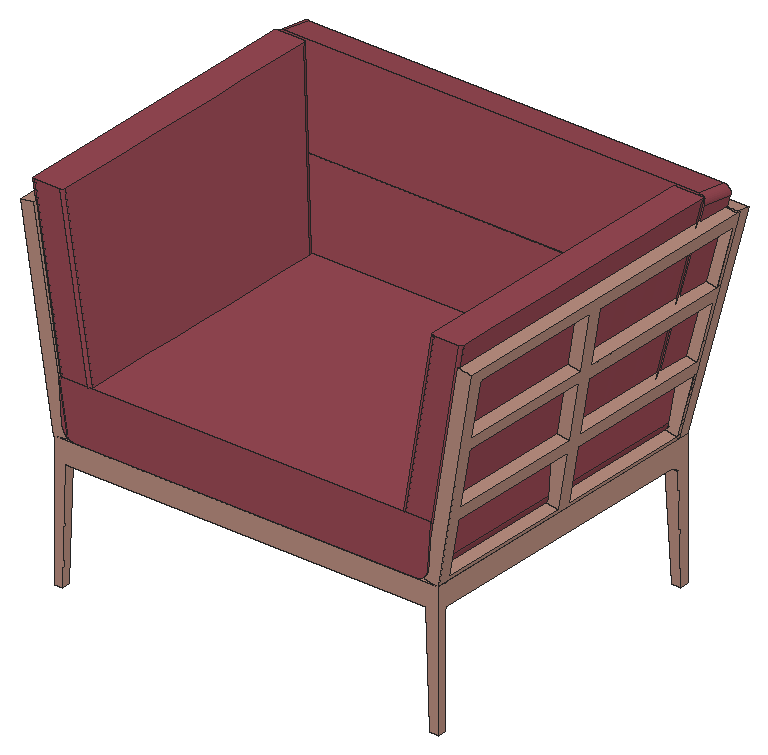
Revit family "Haworth_Janus_Slant_ClubChair", category Furniture, Revit 2018
Family settings
  OmniClass Number = 23.40.20.00
  OmniClass Title = General Furniture and Specialties
  Work Plane-Based = No
  Always vertical = Yes
  Cut with Voids When Loaded = No
  Shared = No
  Room Calculation Point = No
Parameters (values of type "HCJC-SL-L1W")
  With Seat Cushion = yes
  Width = "40.5 in."  # constant formula
  Warranty = "https://www.haworth.com/resources/product-info/warranties"
  URL - Product = "https://www.haworth.com/products/seating/outdoor/slant"
  URL = "http://www.haworth.com/our-brands/haworth-collection"
  Trim Finish [instance] = Haworth _ Paint _ Slant _ Mousse
  Size = "Verify Final Dim. w/ Haworth"  # constant formula
  Seat Bottom Finish [instance] = Haworth _ Fabric _ Tellure _ Tomato 3A-43
  Revision = "2"  # constant formula
  Model = "HCJC-SL-L1W"
  Manufacturer = "Haworth"  # constant formula
  Frame = yes
  Depth = "31 in."  # constant formula
  Height = "30.25 in."  # constant formula
  Description = "Haworth - Janus - Slant - Lounge Chair"
  Cushion = yes
  Back Finish [instance] = Haworth _ Fabric _ Tellure _ Tomato 3A-43
  Author = "Haworth (Abd Rahman)"  # constant formula
  Assembly Code = "E2020200"
Reference planes (in)
  plane 1 "Center Front/Back": y = 0
  plane 2: z = 0
  plane 3 "Center Left/Right": x = 0
Nested families (in)
  nested 1: "Haworth_Janus_Slant_ Seat-Cushion_PART" at (-20.23621, 4.54207, -1.3125), visible <- "With Seat Cushion", Cushion Finish <- "Seat Bottom Finish", type "HCJC-SL-CSSA-S - Cushion"
    with Cushion Finish Haworth _ Fabric _ Tellure _ Tomato 3A-43
  nested 2: "Haworth_Janus_Slant_Cushion_Back_PART" at (-0.04917, -3.14613, -1.85938), Cushion Finish <- "Back Finish", visible <- "Cushion", type "HCJC-SL-CBSA-S - BackSide - Cushion"
    with Cushion Finish Haworth _ Fabric _ Tellure _ Tomato 3A-43
  nested 3: "Haworth_Janus_Slant_ClubChair_Frame_PART" at (-0.34175, 2.06138, 0), Frame Finish <- "Trim Finish", type "HCJC-SL-L1W - FRAME"
    with Frame Finish Haworth _ Paint _ Slant _ Mousse
Definition of nested family "Haworth_Janus_Slant_ Seat-Cushion_PART"
  Parameters (values of type "HCJC-SL-CSL1W-S- Cushion")
    Warranty = "https://www.haworth.com/resources/product-info/warranties"
    URL - Product = "https://www.haworth.com/products/tables/outdoor/slant"
    Model = "HCJC-SL-CSL1W-S"  # constant formula
    Description = "Haworth_Slant_Seat-Seating_Cushion"
    URL = "http://www.haworth.com/our-brands/haworth-collection"
    Size = "Verify Final Dim. w/ Haworth"  # constant formula
    Revision Number = "1"  # constant formula
    Manufacturer = "Haworth"  # constant formula
    Cushion Width = 33 3/8"  # constant formula
    Cushion Finish [instance] = none
    Author = "Haworth (Abd Rahman)"  # constant formula
    Assembly Code = "E2020200"
    Actual Depth = 27 1/2"  # constant formula
  Reference planes (in)
    plane 1 "Center F/B": y = -4.23242
    plane 2: z = 0
    plane 3 "Center L/R": x = 19.75
    plane 4 "Top": z = 27.5
    plane 5 "Seat Top": z = 18.25
    plane 6: x = 3.0625
    plane 7: x = 36.4375
    plane 8: y = 9.51758
    plane 9: y = -17.98242
  Forms (in)
    Extrusion 1, solid, material <- "Cushion Finish"
      sketch origin (30.59561, -13.125, 16.78125) x (0, 0, -1) y (-1, 0, 0)
        loop
          line (-1.45984, 27.53311) -> (-1.45984, -5.8977) -> (2.46057, -5.62356)
          arc (2.46057, -5.62356) -> (3.17241, -5.28403) -> (3.46146, -4.55024) r 1.07594
          line (3.46146, -4.55024) -> (3.46146, 25.96208)
          arc (3.46146, 25.96208) -> (3.1325, 26.80717) -> (2.31878, 27.20746) r 1.25
          line (2.31878, 27.20746) -> (-1.45984, 27.53311)
      from -4.85742 to 22.64258
  Lines and regions (in)
    Masking region 1
      outline origin (0, 0, 0) x (1, 0, 0) y (0, 1, 0)
        loop
          line (3.0625, 9.51758) -> (3.0625, -17.98242) -> (36.4375, -17.98242) -> (36.4375, 9.51758) -> (3.0625, 9.51758)
  Dimensions and locks (in)
    locked: plane 4 "Top" to level at 27.5
    plane 5 "Seat Top" to level = 18 1/4"
    plane 5 "Seat Top" to plane 2 = 18 1/4"
    "Cushion Width": plane 6 to plane 7
    "Actual Depth": plane 8 to plane 9
    equal spacing: plane 6, plane 3 "Center L/R", plane 7
    equal spacing: plane 8, plane 1 "Center F/B", plane 9
    aligned and locked: plane 7 to Masking region 1 sketch curve
    aligned and locked: Masking region 1 sketch curve to plane 8
    aligned and locked: plane 9 to Masking region 1 sketch curve
    aligned and locked: plane 6 to Masking region 1
    aligned and locked: Masking region 1 to plane 7
    aligned and locked: plane 8 to Extrusion 1
    aligned and locked: plane 6 to Extrusion 1
  Automatic sketch dimensions
    Masking region 1 sketch curve to plane 3 "Center L/R" = 16 11/16"
    Extrusion 1 sketch curve to plane 5 "Seat Top" = 0.00891"
    Extrusion 1 sketch curve to plane 5 "Seat Top" = 3.68021"
    Extrusion 1 sketch curve to plane 6 = 0.32565"
    Extrusion 1 sketch curve to Extrusion 1 sketch curve = 0.10733"
    plane 7 to Extrusion 1 sketch curve = 1.29165"
    plane 7 to Extrusion 1 sketch curve = 0.21833"
    Extrusion 1 sketch curve to Extrusion 1 sketch curve = 0.07505"
    Extrusion 1 sketch curve to plane 7 = 0.05581"
    plane 6 to Extrusion 1 sketch curve = 0"
    Extrusion 1 sketch curve to plane 5 "Seat Top" = 3.85426"
Definition of nested family "Haworth_Janus_Slant_Cushion_Back_PART"
  Parameters (values of type "HCJC-SL-CBL1W-S - BackSide - Cushion")
    Warranty = "https://www.haworth.com/resources/product-info/warranties"
    URL - Product = "https://www.haworth.com/products/seating/outdoor/slant"
    URL = "http://www.haworth.com/our-brands/haworth-collection"
    Size = "Verify Final Dim. w/ Haworth"  # constant formula
    Revision = "1"  # constant formula
    Model = "HCJC-SL-CBL1W-S"  # constant formula
    Manufacturer = "Haworth"  # constant formula
    Description = "Haworth_Slant_BackSide_Cushion"
    Cushion Width = 38 9/16"  # constant formula
    Cushion Finish [instance] = none
    Cushion Depth = 30 1/4"  # constant formula
    Author = "Haworth (Abd Rahman)"  # constant formula
    Assembly Code = "E2020200"
  Reference planes (in)
    plane 1 "Center Front/Back": y = 4.83633
    plane 2: z = 0
    plane 3 "Center Left/Right": x = -0.23694
    plane 4 "Cushion Seam Right": y = 16.66406
    plane 5 "Back Cushion 1": through (0, 14.56861, 18.77443) normal (0, 0.9864, -0.1644)
    plane 6 "Back Cushion 2": through (0, 18.50926, 24.62587) normal (0, 0.9864, -0.1644)
    plane 7: z = 33.84437
    plane 8: z = 18.43987
    plane 9: y = -10.28867
    plane 10: y = 19.96133
    plane 11: x = -19.51819
    plane 12: x = 19.04431
  Forms (in)
    Extrusion 1, solid, material <- "Cushion Finish"
      sketch origin (0, 11.07898, -2.16331) x (0, -0.164399, -0.986394) y (-1, 0, 0)
        loop
          line (-36.62851, 18.83388) -> (-36.62851, -18.38452)
          arc (-36.62851, -18.38452) -> (-36.39053, -18.89802) -> (-35.84491, -19.04834) r 0.67297
          line (-35.84491, -19.04834) -> (-21.2946, -16.62329)
          arc (-21.2946, -16.62329) -> (-21.10321, -16.51458) -> (-21.02744, -16.30792) r 0.31972
          line (-21.02744, -16.30792) -> (-21.02744, 16.72126)
          arc (-21.02744, 16.72126) -> (-21.12014, 16.97411) -> (-21.35432, 17.10712) r 0.39119
          line (-21.35432, 17.10712) -> (-35.82072, 19.51819)
          arc (-35.82072, 19.51819) -> (-36.38319, 19.36323) -> (-36.62851, 18.83388) r 0.69375
      from 2.8865 to 0
    Blend 2, solid, material <- "Cushion Finish"
      base sketch origin (4.31474, 0.54875, 0) x (1, 0.000934, 0) y (-0.000934, 1, 0)
        loop
          arc (9.67817, 13.97337) -> (9.50139, 13.90015) -> (9.42817, 13.72337) r 0.25
          line (9.42817, 13.72337) -> (9.42817, -10.60117)
          arc (9.42817, -10.60117) -> (9.50139, -10.77795) -> (9.67817, -10.85117) r 0.25
          line (9.67817, -10.85117) -> (12.00927, -10.85117)
          arc (12.00927, -10.85117) -> (12.18605, -10.77795) -> (12.25927, -10.60117) r 0.25
          line (12.25927, -10.60117) -> (12.25927, 13.72337)
          arc (12.25927, 13.72337) -> (12.18605, 13.90015) -> (12.00927, 13.97337) r 0.25
          line (12.00927, 13.97337) -> (9.67817, 13.97337)
      top sketch origin (4.31474, 0.54875, 0) x (1, 0.000934, 0) y (-0.000934, 1, 0)
        loop
          arc (12.21901, 16.44186) -> (12.04231, 16.36872) -> (11.96901, 16.19209) r 0.25
          line (11.96901, 16.19209) -> (11.94399, -10.60094)
          arc (11.94399, -10.60094) -> (12.01713, -10.77787) -> (12.19399, -10.85117) r 0.25
          line (12.19399, -10.85117) -> (14.46968, -10.85117)
          arc (14.46968, -10.85117) -> (14.64637, -10.77803) -> (14.71968, -10.60141) r 0.25
          line (14.71968, -10.60141) -> (14.74469, 16.19163)
          arc (14.74469, 16.19163) -> (14.67155, 16.36855) -> (14.49469, 16.44186) r 0.25
          line (14.49469, 16.44186) -> (12.21901, 16.44186)
      from 18.78758 to 33.84437
    Sweep 3, void
      path origin (0, 11.1354, -1.82482) x (0, -0.164399, -0.986394) y (-1, 0, 0)
        loop
          line (-27.99974, 18.29251) -> (-27.99974, -17.81862)
      profile origin (-0.23694, 15.73853, 25.79396) x (0, -0.164399, -0.986394) y (0, 0.986394, -0.164399)
        loop
          arc (-0.07611, 2.78205) -> (-0.05703, 2.84623) -> (-0.01191, 2.89571) r 0.14996
          line (-0.01191, 2.89571) -> (-0.14032, 2.89571)
          arc (-0.14032, 2.89571) -> (-0.0952, 2.84623) -> (-0.07611, 2.78205) r 0.14996
    Sweep 4, void
      path origin (0, 11.08796, -1.81073) x (0, -0.164399, -0.986394) y (1, 0, 0)
        loop
          line (-27.99974, -18.39071) -> (-27.99974, 17.87134)
      profile origin (-0.25968, 15.6911, 25.80805) x (0, 0.164399, 0.986394) y (0, -0.986394, 0.164399)
        loop
          arc (0.07611, -0.09686) -> (0.0952, -0.03268) -> (0.14032, 0.0168) r 0.14996
          line (0.14032, 0.0168) -> (0.01191, 0.0168)
          arc (0.01191, 0.0168) -> (0.05703, -0.03268) -> (0.07611, -0.09686) r 0.14996
    Blend 5, solid, material <- "Cushion Finish"
      base sketch origin (-4.78862, 0.54874, 0) x (-1, 0.000934, 0) y (-0.000934, -1, 0)
        loop
          line (9.67817, -13.97337) -> (12.00927, -13.97337)
          arc (12.00927, -13.97337) -> (12.18605, -13.90015) -> (12.25927, -13.72337) r 0.25
          line (12.25927, -13.72337) -> (12.25927, 10.60117)
          arc (12.25927, 10.60117) -> (12.18605, 10.77795) -> (12.00927, 10.85117) r 0.25
          line (12.00927, 10.85117) -> (9.67817, 10.85117)
          arc (9.67817, 10.85117) -> (9.50139, 10.77795) -> (9.42817, 10.60117) r 0.25
          line (9.42817, 10.60117) -> (9.42817, -13.72337)
          arc (9.42817, -13.72337) -> (9.50139, -13.90015) -> (9.67817, -13.97337) r 0.25
      top sketch origin (-4.78862, 0.54874, 0) x (-1, 0.000934, 0) y (-0.000934, -1, 0)
        loop
          line (12.21901, -16.44186) -> (14.49469, -16.44186)
          arc (14.49469, -16.44186) -> (14.67155, -16.36855) -> (14.74469, -16.19163) r 0.25
          line (14.74469, -16.19163) -> (14.71968, 10.60141)
          arc (14.71968, 10.60141) -> (14.64637, 10.77803) -> (14.46968, 10.85117) r 0.25
          line (14.46968, 10.85117) -> (12.19399, 10.85117)
          arc (12.19399, 10.85117) -> (12.01713, 10.77787) -> (11.94399, 10.60094) r 0.25
          line (11.94399, 10.60094) -> (11.96901, -16.19209)
          arc (11.96901, -16.19209) -> (12.04231, -16.36872) -> (12.21901, -16.44186) r 0.25
      from 18.78758 to 33.84437
  Cuts and joins
    Sweep 3, Sweep 4 cuts Extrusion 1
  Lines and regions (in)
    Masking region 1
      outline origin (0, 0, 0) x (1, 0, 0) y (0, 1, 0)
        loop
          line (-19.51819, 19.96133) -> (-19.51819, 16.66406) -> (19.04431, 16.66406) -> (19.04431, 19.96133) -> (-19.51819, 19.96133)
    Masking region 2
      outline origin (0, 0, 0) x (1, 0, 0) y (0, 1, 0)
        loop
          line (-19.01819, -10.28867) -> (-15.89475, -10.28867)
          arc (-15.89475, -10.28867) -> (-15.5412, -10.14223) -> (-15.39475, -9.78867) r 0.5
          line (-15.39475, -9.78867) -> (-15.39475, 14.68465)
          arc (-15.39475, 14.68465) -> (-15.46797, 14.86142) -> (-15.64475, 14.93465) r 0.25
          line (-15.64475, 14.93465) -> (-19.26819, 14.93465)
          arc (-19.26819, 14.93465) -> (-19.44497, 14.86142) -> (-19.51819, 14.68465) r 0.25
          line (-19.51819, 14.68465) -> (-19.51819, -9.78867)
          arc (-19.51819, -9.78867) -> (-19.37174, -10.14223) -> (-19.01819, -10.28867) r 0.5
        loop
          arc (18.54431, -10.28867) -> (18.89786, -10.14223) -> (19.04431, -9.78867) r 0.5
          line (19.04431, -9.78867) -> (19.04431, 14.68465)
          arc (19.04431, 14.68465) -> (18.97109, 14.86142) -> (18.79431, 14.93465) r 0.25
          line (18.79431, 14.93465) -> (15.24663, 14.93465)
          arc (15.24663, 14.93465) -> (15.06985, 14.86142) -> (14.99663, 14.68465) r 0.25
          line (14.99663, 14.68465) -> (14.99663, -9.78867)
          arc (14.99663, -9.78867) -> (15.14308, -10.14223) -> (15.49663, -10.28867) r 0.5
          line (15.49663, -10.28867) -> (18.54431, -10.28867)
    Masking region 3
      outline origin (0, 0, 0) x (1, 0, 0) y (0, 1, 0)
        loop
          line (13.75059, 13.7188) -> (13.75059, -10.03867)
          arc (13.75059, -10.03867) -> (13.82381, -10.21545) -> (14.00059, -10.28867) r 0.25
          line (14.00059, -10.28867) -> (15.21795, -10.28867)
          arc (15.21795, -10.28867) -> (15.05746, -10.16553) -> (14.99663, -9.9726) r 0.33635
          line (14.99663, -9.9726) -> (14.99663, 14.68465) -> (13.75059, 13.7188)
        loop
          line (-14.22447, 13.84389) -> (-15.39475, 14.75101) -> (-15.39475, -9.98469)
          arc (-15.39475, -9.98469) -> (-15.44688, -10.16456) -> (-15.58712, -10.28867) r 0.33635
          line (-15.58712, -10.28867) -> (-14.47447, -10.28867)
          arc (-14.47447, -10.28867) -> (-14.2977, -10.21545) -> (-14.22447, -10.03867) r 0.25
          line (-14.22447, -10.03867) -> (-14.22447, 13.84389)
    Masking region 4
      outline origin (0, 0, 0) x (1, 0, 0) y (0, 1, 0)
        loop
          line (19.04431, 16.5091) -> (19.04431, 16.66406) -> (-19.51279, 16.66406) -> (-19.51279, 16.52564) -> (-19.51279, 14.93465) -> (-15.55913, 14.93465)
          arc (-15.55913, 14.93465) -> (-15.38235, 14.86142) -> (-15.30913, 14.68465) r 0.25
          line (-15.30913, 14.68465) -> (-14.06715, 13.72195) -> (13.75465, 13.72195) -> (14.99663, 14.68465)
          arc (14.99663, 14.68465) -> (15.06985, 14.86142) -> (15.24663, 14.93465) r 0.25
          line (15.24663, 14.93465) -> (19.04431, 14.93465) -> (19.04431, 16.5091)
  Dimensions and locks (in)
    plane 7 to plane 8 = 15.4045"
    "Cushion Depth": plane 9 to plane 10
    "Cushion Width": plane 11 to plane 12
    equal spacing: plane 11, plane 3 "Center Left/Right", plane 12
    equal spacing: plane 10, plane 1 "Center Front/Back", plane 9
    Blend 2 to plane 8 = 15.4045"
    aligned and locked: Masking region 1 sketch curve to plane 10
    aligned and locked: Masking region 1 sketch curve to plane 11
    aligned and locked: plane 12 to Masking region 1 sketch curve
    aligned and locked: Masking region 1 sketch curve to plane 4 "Cushion Seam Right"
    aligned and locked: Blend 2 to plane 7
    aligned and locked: Blend 2 to plane 12
    aligned and locked: plane 11 to Blend 5
    aligned and locked: plane 12 to Masking region 2 sketch curve
    aligned and locked: plane 11 to Masking region 2 sketch curve
  Automatic sketch dimensions
    Extrusion 1 sketch curve to plane 11 = 0"
    Extrusion 1 sketch curve to plane 11 = 0.68431"
    Extrusion 1 sketch curve to Extrusion 1 sketch curve = 0.67297"
    Extrusion 1 sketch curve to Extrusion 1 sketch curve = 0.69375"
    Extrusion 1 sketch curve to plane 12 = 0.00403"
    Extrusion 1 sketch curve to Extrusion 1 sketch curve = 0.11064"
    Extrusion 1 sketch curve to plane 11 = 2.79693"
    Extrusion 1 sketch curve to Extrusion 1 sketch curve = 14.51614"
    Extrusion 1 sketch curve to plane 11 = 2.41107"
    Extrusion 1 sketch curve to Extrusion 1 sketch curve = 0.06431"
    Extrusion 1 sketch curve to Extrusion 1 sketch curve = 0.31972"
    plane 12 to Extrusion 1 sketch curve = 2.42102"
    Extrusion 1 sketch curve to Extrusion 1 sketch curve = 0.05256"
    plane 4 "Cushion Seam Right" to Blend 2 sketch curve = 2.38314"
    plane 12 to Blend 2 sketch curve = 5.31422"
    Blend 2 sketch curve to plane 9 = 0.24529"
    Blend 2 sketch curve to Blend 2 sketch curve = 1/4"  (x6)
    Blend 2 sketch curve to Blend 2 sketch curve = 2.3311"  (x2)
    Blend 2 sketch curve to plane 9 = 0.24764"
    plane 12 to Blend 2 sketch curve = 2.77569"  (x2)
    Blend 2 sketch curve to plane 4 "Cushion Seam Right" = 0.08795"  (x2)
    plane 12 to Blend 2 sketch curve = 0.24977"
    plane 12 to Blend 2 sketch curve = 1/4"
    Blend 2 sketch curve to plane 12 = 0"  (x2)
    Blend 2 sketch curve to plane 9 = 0.24977"
    Blend 2 sketch curve to plane 4 "Cushion Seam Right" = 0.09007"
    plane 12 to Sweep 3 sketch curve = 1.22568"
    Sweep 3 sketch curve to plane 11 = 1.22568"
    profile plane to Sweep 3 sketch curve = 0.22577"
    profile plane to Sweep 3 sketch curve = 0.14032"
    profile plane to Sweep 3 sketch curve = 0.01191"
    Sweep 3 sketch curve to profile plane = 0.07354"
    plane 5 "Back Cushion 1" to Sweep 3 sketch curve = 2.77247"
    Sweep 3 sketch curve to Sweep 3 sketch curve = 0"
    Sweep 3 sketch curve to Sweep 3 sketch curve = 0.12324"
    plane 12 to Sweep 4 sketch curve = 1.17297"
    Sweep 4 sketch curve to plane 11 = 1.12748"
    profile plane to Sweep 4 sketch curve = 0.07354"
    Sweep 4 sketch curve to profile plane = 0.01191"
    profile plane to Sweep 4 sketch curve = 0.0168"
    Sweep 4 sketch curve to Sweep 4 sketch curve = 0.12842"
    Sweep 4 sketch curve to Sweep 4 sketch curve = 0.08545"
    Sweep 4 sketch curve to profile plane = 0.10644"  (x2)
    plane 9 to Blend 5 sketch curve = 0.00472"
    Blend 5 sketch curve to plane 4 "Cushion Seam Right" = 2.38315"
    plane 11 to Blend 5 sketch curve = 5.31422"
    plane 9 to Blend 5 sketch curve = 0.24528"
    Blend 5 sketch curve to Blend 5 sketch curve = 1/4"  (x3)
    Blend 5 sketch curve to Blend 5 sketch curve = 2.3311"  (x2)
    plane 9 to Blend 5 sketch curve = 0.24769"
    plane 9 to Blend 5 sketch curve = 0.00237"
    plane 9 to Blend 5 sketch curve = 0.24763"
    plane 11 to Blend 5 sketch curve = 2.77569"  (x2)
    plane 4 "Cushion Seam Right" to Blend 5 sketch curve = 0.08794"  (x2)
    plane 11 to Blend 5 sketch curve = 0.24977"
    plane 11 to Blend 5 sketch curve = 1/4"
    Blend 5 sketch curve to plane 11 = 0"  (x2)
    plane 9 to Blend 5 sketch curve = 0.24975"
    plane 4 "Cushion Seam Right" to Blend 5 sketch curve = 0.09006"
    plane 9 to Masking region 3 sketch curve = 0"  (x2)
    Masking region 3 sketch curve to plane 9 = 0.30398"
    Masking region 3 sketch curve to plane 11 = 3.78709"
    Masking region 3 sketch curve to Masking region 3 sketch curve = 0.14398"
    Masking region 3 sketch curve to plane 9 = 1/4"  (x2)
    Masking region 3 sketch curve to Masking region 3 sketch curve = 0.92028"
    plane 12 to Masking region 3 sketch curve = 5.29372"
    Masking region 3 sketch curve to Masking region 3 sketch curve = 1.24604"
    Masking region 3 sketch curve to plane 9 = 0.31607"
    Masking region 3 sketch curve to Masking region 3 sketch curve = 0.33635"
    plane 4 "Cushion Seam Right" to Masking region 3 sketch curve = 2.82017"
    plane 4 "Cushion Seam Right" to Masking region 3 sketch curve = 2.94526"
    Masking region 3 sketch curve to Masking region 3 sketch curve = 0.90712"
    Masking region 3 sketch curve to Masking region 3 sketch curve = 0.96585"
    plane 4 "Cushion Seam Right" to Masking region 4 sketch curve = 0"
    Masking region 4 sketch curve to plane 12 = 0"
    plane 4 "Cushion Seam Right" to Masking region 4 sketch curve = 1.72942"
    plane 12 to Masking region 4 sketch curve = 3.79768"
    plane 4 "Cushion Seam Right" to Masking region 4 sketch curve = 1.97942"  (x2)
    Masking region 4 sketch curve to Masking region 4 sketch curve = 1.24198"  (x2)
    Masking region 4 sketch curve to plane 11 = 5.45104"
    Masking region 4 sketch curve to Masking region 4 sketch curve = 1/4"
    Masking region 4 sketch curve to plane 11 = 0.0054"
    Masking region 4 sketch curve to Masking region 4 sketch curve = 0.9627"
    Masking region 4 sketch curve to Masking region 4 sketch curve = 0.15496"
    Masking region 4 sketch curve to Masking region 4 sketch curve = 0.13843"
    plane 9 to Masking region 2 sketch curve = 0"  (x2)
    Masking region 2 sketch curve to Masking region 2 sketch curve = 1/4"  (x3)
    Masking region 2 sketch curve to plane 11 = 1/2"
    Masking region 2 sketch curve to plane 9 = 1/2"
    Masking region 2 sketch curve to Masking region 2 sketch curve = 3.12344"
    plane 12 to Masking region 2 sketch curve = 4.04768"
    Masking region 2 sketch curve to Masking region 2 sketch curve = 1/2"
    plane 12 to Masking region 2 sketch curve = 1/2"
    plane 12 to Masking region 2 sketch curve = 1/4"
    plane 4 "Cushion Seam Right" to Masking region 2 sketch curve = 1.97942"  (x2)
Definition of nested family "Haworth_Janus_Slant_ClubChair_Frame_PART"
  Parameters (values of type "HCJC-SL-L1W - FRAME")
    Warranty = "https://www.haworth.com/resources/product-info/warranties"
    URL - Product = "https://www.haworth.com/products/seating/outdoor/slant"
    URL = "http://www.haworth.com/our-brands/haworth-collection"
    Size = "Verify Final Dim. w/ Haworth"  # constant formula
    Revision = "2"  # constant formula
    Model = "HCJC-SL-L1W"
    Manufacturer = "Haworth"  # constant formula
    Frame Finish [instance] = none
    Description = "Haworth Slant Club Chair - Frame"
    Author = "Haworth (Abd Rahman)"  # constant formula
    Assembly Code = "E2020200"
    Actual Width = 40 1/2"  # constant formula
    Actual Height = 30 1/4"  # constant formula
    Actual Depth = 31"  # constant formula
  Reference planes (in)
    plane 1 "Center Front/Back": y = 0
    plane 2: z = 0
    plane 3 "Center Left/Right": x = 0
    plane 4 "Front Seat": through (0, 15.4638, 30.0151) normal (0, -0.9864, 0.1644)
    plane 5 "Bottom Arm": z = 12.00176
    plane 6 "Bottom Seat": z = 10.00473
    plane 7 "Front Arm": y = -15.5
    plane 8: z = 30.25
    plane 9: x = 20.25
    plane 10: x = -20.25
    plane 11: y = 15.5
    plane 12: through (480, 13.4581, 25.27872) normal (0, -0.9865, 0.1636)
    plane 13: through (15.94764, -180, 12.26694) normal (-0.9848, 0, 0.1736)
    plane 14 "Right Arm": through (20.25865, -180, 29.99491) normal (0.9862, 0, -0.1655)
  Forms (in)
    Extrusion 1, solid, material <- "Frame Finish"
      sketch origin (-0.02614, 14.30092, -2.93786) x (0, 0.164405, 0.986393) y (-1, 0, 0)
        loop
          line (32.68314, -20.30309) -> (32.68314, 20.23352) -> (14.21565, 17.17955) -> (14.21565, -17.24913) -> (32.68314, -20.30309)
        loop
          line (31.49135, -18.54686) -> (31.49135, -6.09089) -> (26.57709, -6.09089) -> (26.57709, -17.82116)
          arc (26.57709, -17.82116) -> (26.63652, -17.98297) -> (26.78654, -18.06785) r 0.25
          line (26.78654, -18.06785) -> (31.2008, -18.79355)
          arc (31.2008, -18.79355) -> (31.40316, -18.73744) -> (31.49135, -18.54686) r 0.25
        loop
          line (25.39802, -17.59055) -> (25.39802, -6.09089) -> (20.56254, -6.09089) -> (20.56254, -17.06624) -> (25.14541, -17.82411)
          arc (25.14541, -17.82411) -> (25.32279, -17.76257) -> (25.39802, -17.59055) r 0.23428
        loop
          line (19.587, -6.09089) -> (14.56018, -6.09089) -> (14.56018, -15.48585)
          arc (14.56018, -15.48585) -> (14.59154, -15.68939) -> (14.68271, -15.87405) r 0.6762
          line (14.68271, -15.87405) -> (19.587, -16.84767) -> (19.587, -6.09089)
        loop
          arc (31.49135, 18.80705) -> (31.40316, 18.99763) -> (31.2008, 19.05374) r 0.25
          line (31.2008, 19.05374) -> (26.78654, 18.32804)
          arc (26.78654, 18.32804) -> (26.63652, 18.24316) -> (26.57709, 18.08135) r 0.25
          line (26.57709, 18.08135) -> (26.57709, 6.02131) -> (31.49135, 6.02131) -> (31.49135, 18.80705)
        loop
          arc (25.41924, 17.54537) -> (25.33129, 17.73616) -> (25.12888, 17.79239) r 0.24983
          line (25.12888, 17.79239) -> (20.56254, 17.04169) -> (20.56254, 5.95881) -> (25.41924, 5.95881) -> (25.41924, 17.54537)
        loop
          line (19.462, 5.98131) -> (19.462, 16.8667) -> (14.77998, 16.09244)
          arc (14.77998, 16.09244) -> (14.64766, 16.02946) -> (14.56908, 15.90576) r 0.26484
          line (14.56908, 15.90576) -> (14.56908, 5.98131) -> (19.462, 5.98131)
        loop
          line (26.57652, -4.94979) -> (31.49141, -4.94979) -> (31.49077, 4.88021) -> (26.57589, 4.88021) -> (26.57652, -4.94979)
        loop
          line (20.56254, -4.94979) -> (25.47742, -4.94979) -> (25.47679, 4.88021) -> (20.56191, 4.88021) -> (20.56254, -4.94979)
        loop
          line (14.56908, -4.94979) -> (19.48397, -4.94979) -> (19.48333, 4.88021) -> (14.56845, 4.88021) -> (14.56908, -4.94979)
      from 4.27057 to 5.48211
    Extrusion 2, solid, material <- "Frame Finish"
      sketch origin (0, 0, 10.00473) x (-1, 0, 0) y (0, -1, 0)
        loop
          line (17.20569, 15.5) -> (-17.26733, 15.5) -> (-17.26733, -12.48441) -> (17.20569, -12.48441) -> (17.20569, 15.5)
        loop
          line (-14.9113, 14.3583) -> (-14.77391, -11.33312) -> (-1.18, -11.33312) -> (-1.18, 14.3583) -> (-14.9113, 14.3583)
        loop
          line (14.89733, 14.3583) -> (1.18, 14.3583) -> (1.18, -11.33312) -> (14.89733, -11.33312) -> (14.89733, 14.3583)
      from 0 to 1.99703
    Extrusion 3, solid, material <- "Frame Finish"
      sketch origin (-5.875, 0, 0) x (0, 1, 0) y (0, 0, -1)
        loop
          line (-15.5, -12.00176) -> (12.48619, -12.00176) -> (12.49282, 0) -> (11.66695, 0) -> (11.27332, -9.53055)
          arc (11.27332, -9.53055) -> (10.83172, -9.88008) -> (10.2825, -10.00473) r 1.27227
          line (10.2825, -10.00473) -> (-14.65708, -10.00473)
          arc (-14.65708, -10.00473) -> (-14.73181, -9.93693) -> (-14.7595, -9.8399) r 0.18384
          line (-14.7595, -9.8399) -> (-14.7595, 0) -> (-15.5, 0) -> (-15.5, -12.00176)
      from 10.1181 to 11.28148
    Extrusion 4, solid, material <- "Frame Finish"
      sketch origin (5.98438, 0, 0) x (0, 1, 0) y (0, 0, 1)
        loop
          line (-15.5, 12.00176) -> (-15.5, 0) -> (-14.7595, 0) -> (-14.7595, 9.8399)
          arc (-14.7595, 9.8399) -> (-14.73181, 9.93693) -> (-14.65708, 10.00473) r 0.18384
          line (-14.65708, 10.00473) -> (10.2825, 10.00473)
          arc (10.2825, 10.00473) -> (10.83172, 9.88008) -> (11.27332, 9.53055) r 1.27227
          line (11.27332, 9.53055) -> (11.66695, 0) -> (12.49282, 0) -> (12.48619, 12.00176) -> (-15.5, 12.00176)
      from 10.15283 to 11.28148
    Extrusion 5, void
      sketch origin (0, 0, 0) x (1, 0, 0) y (0, 0, 1)
        loop
          line (16.46652, 0) -> (16.162, 10.00473) -> (15, 10.00473) -> (15, 0) -> (16.46652, 0)
      from -12.83284 to 16
    Extrusion 6, void
      sketch origin (0, 0, 0) x (1, 0, 0) y (0, 0, 1)
        loop
          line (-16.16641, 10.00473) -> (-16.47093, 0) -> (-15.5, 0) -> (-15.5, 10.00473) -> (-16.16641, 10.00473)
      from -12.83284 to 16
    Extrusion 7, solid, material <- "Frame Finish"
      sketch origin (1.92634, 0, -79.27268) x (0.165462, 0, 0.986216) y (0, -1, 0)
        loop
          line (110.7818, 15.5) -> (92.51475, 15.5) -> (92.51475, -11.46798) -> (110.7818, -14.53911) -> (110.7818, 15.5)
        loop
          line (103.77984, 2.05918) -> (103.77984, 14.13719)
          arc (103.77984, 14.13719) -> (103.70662, 14.31397) -> (103.52984, 14.38719) r 0.25
          line (103.52984, 14.38719) -> (98.79928, 14.38719) -> (98.79928, 2.05918) -> (103.77984, 2.05918)
        loop
          line (109.77766, 2.05918) -> (109.77766, 14.13719)
          arc (109.77766, 14.13719) -> (109.70443, 14.31397) -> (109.52766, 14.38719) r 0.25
          line (109.52766, 14.38719) -> (104.79709, 14.38719) -> (104.79709, 2.05918) -> (109.77766, 2.05918)
        loop
          line (97.78027, 2.05918) -> (97.78027, 14.13719)
          arc (97.78027, 14.13719) -> (97.70704, 14.31397) -> (97.53027, 14.38719) r 0.25
          line (97.53027, 14.38719) -> (92.7997, 14.38719) -> (92.7997, 2.05918) -> (97.78027, 2.05918)
        loop
          line (104.7971, 0.95808) -> (104.7956, -13.28983) -> (109.37871, -14.04329)
          arc (109.37871, -14.04329) -> (109.58106, -13.98718) -> (109.66926, -13.79662) r 0.25
          line (109.66926, -13.79662) -> (109.67075, 0.95808) -> (104.7971, 0.95808)
        loop
          line (98.79933, 0.95808) -> (98.79794, -12.30382) -> (103.38103, -13.05728)
          arc (103.38103, -13.05728) -> (103.58338, -13.00117) -> (103.67159, -12.81061) r 0.25
          line (103.67159, -12.81061) -> (103.67298, 0.95808) -> (98.79933, 0.95808)
        loop
          line (92.79975, 0.95808) -> (92.79846, -11.31751) -> (97.48846, -12.08854)
          arc (97.48846, -12.08854) -> (97.69081, -12.03244) -> (97.77902, -11.84188) r 0.25
          line (97.77902, -11.84188) -> (97.78031, 0.95808) -> (92.79975, 0.95808)
      from 0 to -1.24407
    Extrusion 8, solid, material <- "Frame Finish"
      sketch origin (-1.92634, 0, -79.27268) x (-0.165462, 0, 0.986216) y (0, 1, 0)
        loop
          line (110.78171, -15.5) -> (110.78171, 14.5391) -> (92.51475, 11.46798) -> (92.51475, -15.5) -> (110.78171, -15.5)
        loop
          line (103.77984, -2.05918) -> (98.79928, -2.05918) -> (98.79928, -14.38719) -> (103.52984, -14.38719)
          arc (103.52984, -14.38719) -> (103.70662, -14.31397) -> (103.77984, -14.13719) r 0.25
          line (103.77984, -14.13719) -> (103.77984, -2.05918)
        loop
          line (109.77766, -2.05918) -> (104.79709, -2.05918) -> (104.79709, -14.38719) -> (109.52766, -14.38719)
          arc (109.52766, -14.38719) -> (109.70443, -14.31397) -> (109.77766, -14.13719) r 0.25
          line (109.77766, -14.13719) -> (109.77766, -2.05918)
        loop
          line (97.78027, -2.05918) -> (92.7997, -2.05918) -> (92.7997, -14.38719) -> (97.53027, -14.38719)
          arc (97.53027, -14.38719) -> (97.70704, -14.31397) -> (97.78027, -14.13719) r 0.25
          line (97.78027, -14.13719) -> (97.78027, -2.05918)
        loop
          line (104.7971, -0.95808) -> (109.67075, -0.95808) -> (109.66926, 13.79662)
          arc (109.66926, 13.79662) -> (109.58106, 13.98718) -> (109.37871, 14.04329) r 0.25
          line (109.37871, 14.04329) -> (104.7956, 13.28983) -> (104.7971, -0.95808)
        loop
          line (98.79933, -0.95808) -> (103.67298, -0.95808) -> (103.67159, 12.81061)
          arc (103.67159, 12.81061) -> (103.58338, 13.00117) -> (103.38103, 13.05728) r 0.25
          line (103.38103, 13.05728) -> (98.79794, 12.30382) -> (98.79933, -0.95808)
        loop
          line (92.79975, -0.95808) -> (97.78031, -0.95808) -> (97.77902, 11.84188)
          arc (97.77902, 11.84188) -> (97.69081, 12.03244) -> (97.48846, 12.08854) r 0.25
          line (97.48846, 12.08854) -> (92.79846, 11.31751) -> (92.79975, -0.95808)
      from 0 to -1.24407
  Cuts and joins
    Extrusion 6 cuts Extrusion 2
    Extrusion 6 cuts Extrusion 3
    Extrusion 5 cuts Extrusion 4
    joined: Extrusion 2, Extrusion 3, Extrusion 4, Extrusion 7, Extrusion 8
  Lines and regions (in)
    Masking region 1
      outline origin (0, 0, 28.87474) x (-1, 0, 0) y (0, -1, 0)
        loop
          line (20.25, -15.46173) -> (20.25, -14.3754) -> (19.2241, -14.3754) -> (19.2241, 15.5) -> (-19.2241, 15.5) -> (-19.2241, -14.26667) -> (-20.25, -14.26667) -> (-20.25, -15.46173) -> (20.25, -15.46173)
  Dimensions and locks (in)
    "Actual Height": plane 8 to plane 2  (x2)
    "Actual Width": plane 10 to plane 9
    "Actual Depth": plane 11 to plane 7 "Front Arm"
    equal spacing: plane 10, plane 3 "Center Left/Right", plane 9
    aligned and locked: plane 5 "Bottom Arm" to Extrusion 2
    aligned and locked: Extrusion 2 to plane 6 "Bottom Seat"
    aligned and locked: Extrusion 2 sketch curve to plane 7 "Front Arm"
    aligned and locked: plane 5 "Bottom Arm" to cut or joined group of Extrusion 2, Extrusion 3, Extrusion 4, Extrusion 5, Extrusion 6, Extrusion 7, Extrusion 8
    aligned and locked: Extrusion 2 sketch curve to Extrusion 2 sketch curve
    aligned and locked: Extrusion 1 to Masking region 1 sketch curve  (x2)
    aligned and locked: plane 9 to Masking region 1 sketch curve
    aligned and locked: plane 4 "Front Seat" to Extrusion 1
    aligned and locked: Extrusion 7 to plane 14 "Right Arm"
  Automatic sketch dimensions
    plane 9 to Extrusion 2 sketch curve = 2.98267"
    plane 7 "Front Arm" to Extrusion 2 sketch curve = 1.1417"  (x2)
    Extrusion 2 sketch curve to Extrusion 2 sketch curve = 2.35604"
    Extrusion 2 sketch curve to Extrusion 2 sketch curve = 2.49342"
    plane 3 "Center Left/Right" to Extrusion 2 sketch curve = 1.18"
    Extrusion 2 sketch curve to plane 3 "Center Left/Right" = 1.18"
    plane 10 to Extrusion 2 sketch curve = 5.35267"
    Extrusion 2 sketch curve to Extrusion 2 sketch curve = 2.30836"
    Extrusion 2 sketch curve to plane 11 = 4.16688"
    Extrusion 2 sketch curve to Extrusion 2 sketch curve = 1.15129"
    Extrusion 3 sketch curve to plane 5 "Bottom Arm" = 0"
    Extrusion 3 sketch curve to plane 7 "Front Arm" = 0"
    Extrusion 3 sketch curve to level = 0"  (x2)
    Extrusion 3 sketch curve to plane 6 "Bottom Seat" = 0"
    Extrusion 3 sketch curve to Extrusion 3 sketch curve = 0.7405"
    Extrusion 3 sketch curve to Extrusion 3 sketch curve = 0.10243"
    Extrusion 3 sketch curve to plane 6 "Bottom Seat" = 0.16483"
    Extrusion 3 sketch curve to plane 6 "Bottom Seat" = 1.27227"
    Extrusion 3 sketch curve to plane 11 = 5.2175"
    Extrusion 3 sketch curve to plane 6 "Bottom Seat" = 0.47418"
    Extrusion 3 sketch curve to plane 11 = 3.83305"
    Extrusion 3 sketch curve to Extrusion 3 sketch curve = 1.21287"
    Extrusion 3 sketch curve to Extrusion 3 sketch curve = 0.82587"
    Extrusion 4 sketch curve to plane 5 "Bottom Arm" = 0"
    Extrusion 4 sketch curve to plane 7 "Front Arm" = 0"
    Extrusion 4 sketch curve to level = 0"  (x2)
    Extrusion 4 sketch curve to plane 6 "Bottom Seat" = 0"
    Extrusion 4 sketch curve to Extrusion 4 sketch curve = 0.7405"
    Extrusion 4 sketch curve to Extrusion 4 sketch curve = 0.10243"
    Extrusion 4 sketch curve to plane 6 "Bottom Seat" = 0.16483"
    Extrusion 4 sketch curve to plane 6 "Bottom Seat" = 1.27227"
    Extrusion 4 sketch curve to plane 11 = 5.2175"
    Extrusion 4 sketch curve to plane 6 "Bottom Seat" = 0.47418"
    Extrusion 4 sketch curve to plane 11 = 3.83305"
    Extrusion 4 sketch curve to Extrusion 4 sketch curve = 1.21287"
    Extrusion 4 sketch curve to Extrusion 4 sketch curve = 0.82587"
    Extrusion 5 sketch curve to level = 0"
    Extrusion 5 sketch curve to plane 6 "Bottom Seat" = 0"
    plane 9 to Extrusion 5 sketch curve = 5 1/4"
    Extrusion 5 sketch curve to Extrusion 5 sketch curve = 1.162"
    Extrusion 5 sketch curve to Extrusion 5 sketch curve = 1.46652"
    Extrusion 6 sketch curve to level = 0"
    plane 10 to Extrusion 6 sketch curve = 3.77907"
    Extrusion 6 sketch curve to plane 6 "Bottom Seat" = 0"
    plane 10 to Extrusion 6 sketch curve = 4.08359"
    Extrusion 6 sketch curve to Extrusion 6 sketch curve = 0.66641"
    Masking region 1 sketch curve to plane 7 "Front Arm" = 0"
    Masking region 1 sketch curve to plane 10 = 0"
    Masking region 1 sketch curve to Masking region 1 sketch curve = 1.0259"
    plane 10 to Masking region 1 sketch curve = 1.0259"
    Masking region 1 sketch curve to Masking region 1 sketch curve = 1.08633"
    plane 7 "Front Arm" to Extrusion 7 sketch curve = 0"
    Extrusion 7 sketch curve to plane 11 = 4.18249"
    Extrusion 7 sketch curve to Extrusion 7 sketch curve = 0.28371"
    Extrusion 7 sketch curve to Extrusion 7 sketch curve = 0.28495"
    Extrusion 7 sketch curve to Extrusion 7 sketch curve = 0.00005"
    Extrusion 7 sketch curve to plane 11 = 3.41146"
    Extrusion 7 sketch curve to Extrusion 7 sketch curve = 4.69"
    Extrusion 7 sketch curve to Extrusion 7 sketch curve = 0.04056"  (x3)
    plane 7 "Front Arm" to Extrusion 7 sketch curve = 1.36281"  (x3)
    Extrusion 7 sketch curve to Extrusion 7 sketch curve = 4.73056"  (x3)
    Extrusion 7 sketch curve to plane 11 = 3.65812"
    Extrusion 7 sketch curve to Extrusion 7 sketch curve = 1/4"  (x3)
    plane 1 "Center Front/Back" to Extrusion 7 sketch curve = 2.05918"
    Extrusion 7 sketch curve to Extrusion 7 sketch curve = 4.98056"
    plane 1 "Center Front/Back" to Extrusion 7 sketch curve = 0.95808"  (x3)
    Extrusion 7 sketch curve to Extrusion 7 sketch curve = 0.00004"
    Extrusion 7 sketch curve to plane 11 = 3.19618"
    Extrusion 7 sketch curve to Extrusion 7 sketch curve = 1.01892"
    Extrusion 7 sketch curve to Extrusion 7 sketch curve = 1.01901"
    Extrusion 7 sketch curve to Extrusion 7 sketch curve = 1.01902"
    Extrusion 7 sketch curve to plane 11 = 2.44272"
    Extrusion 7 sketch curve to Extrusion 7 sketch curve = 4.5831"  (x2)
    Extrusion 7 sketch curve to plane 11 = 2.68939"
    Extrusion 7 sketch curve to Extrusion 7 sketch curve = 4.87365"  (x2)
    Extrusion 7 sketch curve to Extrusion 7 sketch curve = 0.10686"
    Extrusion 7 sketch curve to plane 11 = 2.21017"
    Extrusion 7 sketch curve to Extrusion 7 sketch curve = 1.12401"
    Extrusion 7 sketch curve to Extrusion 7 sketch curve = 1.01725"
    Extrusion 7 sketch curve to Extrusion 7 sketch curve = 0"
    Extrusion 7 sketch curve to plane 11 = 1.45671"
    Extrusion 7 sketch curve to plane 11 = 1.70338"
    Extrusion 7 sketch curve to Extrusion 7 sketch curve = 0.1069"
    Extrusion 7 sketch curve to Extrusion 7 sketch curve = 1.25414"
    Extrusion 7 sketch curve to plane 11 = 0.96089"
    Extrusion 7 sketch curve to Extrusion 7 sketch curve = 0.15046"
    Extrusion 7 sketch curve to Extrusion 7 sketch curve = 1.1011"  (x2)
    plane 7 "Front Arm" to Extrusion 8 sketch curve = 0"
    Extrusion 8 sketch curve to plane 11 = 4.18249"
    Extrusion 8 sketch curve to Extrusion 8 sketch curve = 0.28371"
    Extrusion 8 sketch curve to Extrusion 8 sketch curve = 0.28495"
    Extrusion 8 sketch curve to Extrusion 8 sketch curve = 0.00005"
    Extrusion 8 sketch curve to plane 11 = 3.41146"
    Extrusion 8 sketch curve to Extrusion 8 sketch curve = 4.69"
    Extrusion 8 sketch curve to Extrusion 8 sketch curve = 0.04056"  (x3)
    plane 7 "Front Arm" to Extrusion 8 sketch curve = 1.36281"  (x3)
    Extrusion 8 sketch curve to Extrusion 8 sketch curve = 4.73056"  (x3)
    Extrusion 8 sketch curve to plane 11 = 3.65812"
    Extrusion 8 sketch curve to Extrusion 8 sketch curve = 1/4"  (x3)
    plane 1 "Center Front/Back" to Extrusion 8 sketch curve = 2.05918"
    Extrusion 8 sketch curve to Extrusion 8 sketch curve = 4.98056"
    plane 1 "Center Front/Back" to Extrusion 8 sketch curve = 0.95808"  (x3)
    Extrusion 8 sketch curve to Extrusion 8 sketch curve = 0.00004"
    Extrusion 8 sketch curve to plane 11 = 3.19618"
    Extrusion 8 sketch curve to Extrusion 8 sketch curve = 1.01892"
    Extrusion 8 sketch curve to Extrusion 8 sketch curve = 1.01901"
    Extrusion 8 sketch curve to Extrusion 8 sketch curve = 1.01902"
    Extrusion 8 sketch curve to plane 11 = 2.44272"
    Extrusion 8 sketch curve to Extrusion 8 sketch curve = 4.5831"  (x2)
    Extrusion 8 sketch curve to plane 11 = 2.68939"
    Extrusion 8 sketch curve to Extrusion 8 sketch curve = 4.87365"  (x2)
    Extrusion 8 sketch curve to Extrusion 8 sketch curve = 0.10686"
    Extrusion 8 sketch curve to plane 11 = 2.21017"
    Extrusion 8 sketch curve to Extrusion 8 sketch curve = 1.12401"
    Extrusion 8 sketch curve to Extrusion 8 sketch curve = 1.01725"
    Extrusion 8 sketch curve to Extrusion 8 sketch curve = 0"  (x3)
    Extrusion 8 sketch curve to plane 11 = 1.45671"
    Extrusion 8 sketch curve to plane 11 = 1.70338"
    Extrusion 8 sketch curve to Extrusion 8 sketch curve = 0.1069"
    Extrusion 8 sketch curve to Extrusion 8 sketch curve = 1.25405"
    Extrusion 8 sketch curve to Extrusion 8 sketch curve = 0.15046"
    Extrusion 8 sketch curve to plane 11 = 0.9609"
    plane 10 to Extrusion 1 sketch curve = 3.04431"
    Extrusion 1 sketch curve to Extrusion 1 sketch curve = 0.34452"
    Extrusion 1 sketch curve to plane 3 "Center Left/Right" = 4.90635"  (x2)
    Extrusion 1 sketch curve to Extrusion 1 sketch curve = 0.00827"
    Extrusion 1 sketch curve to Extrusion 1 sketch curve = 0.0089"
    Extrusion 1 sketch curve to Extrusion 1 sketch curve = 0.00063"  (x2)
    plane 9 to Extrusion 1 sketch curve = 4.40208"
    Extrusion 1 sketch curve to Extrusion 1 sketch curve = 0.12253"
    plane 10 to Extrusion 1 sketch curve = 4.13142"
    Extrusion 1 sketch curve to Extrusion 1 sketch curve = 0.2109"
    Extrusion 1 sketch curve to Extrusion 1 sketch curve = 0.04321"
    Extrusion 1 sketch curve to Extrusion 1 sketch curve = 0.55366"
    Extrusion 1 sketch curve to Extrusion 1 sketch curve = 4.89292"
    Extrusion 1 sketch curve to Extrusion 1 sketch curve = 0.02133"
    plane 3 "Center Left/Right" to Extrusion 1 sketch curve = 4.92365"  (x2)
    Extrusion 1 sketch curve to Extrusion 1 sketch curve = 4.91489"
    plane 9 to Extrusion 1 sketch curve = 3.42846"
    Extrusion 1 sketch curve to Extrusion 1 sketch curve = 4.35063"
    Extrusion 1 sketch curve to Extrusion 1 sketch curve = 1.07857"  (x2)
    Extrusion 1 sketch curve to Extrusion 1 sketch curve = 0.97553"
    plane 10 to Extrusion 1 sketch curve = 2.43147"
    Extrusion 1 sketch curve to Extrusion 1 sketch curve = 4.56635"
    plane 9 to Extrusion 1 sketch curve = 2.45203"
    Extrusion 1 sketch curve to Extrusion 1 sketch curve = 4.58287"
    Extrusion 1 sketch curve to Extrusion 1 sketch curve = 0.01834"
    Extrusion 1 sketch curve to Extrusion 1 sketch curve = 0.04053"
    Extrusion 1 sketch curve to Extrusion 1 sketch curve = 4.83548"
    Extrusion 1 sketch curve to Extrusion 1 sketch curve = 4.85671"
    Extrusion 1 sketch curve to Extrusion 1 sketch curve = 0.05755"
    Extrusion 1 sketch curve to Extrusion 1 sketch curve = 0.0794"
    Extrusion 1 sketch curve to Extrusion 1 sketch curve = 1.0991"  (x2)
    Extrusion 1 sketch curve to Extrusion 1 sketch curve = 0.00057"
    Extrusion 1 sketch curve to Extrusion 1 sketch curve = 0.0012"
    plane 9 to Extrusion 1 sketch curve = 2.20829"
    Extrusion 1 sketch curve to Extrusion 1 sketch curve = 0.20944"  (x2)
    plane 10 to Extrusion 1 sketch curve = 1.89582"
    Extrusion 1 sketch curve to Extrusion 1 sketch curve = 0.04056"  (x3)
    Extrusion 1 sketch curve to Extrusion 1 sketch curve = 1/4"
    plane 9 to Extrusion 1 sketch curve = 1.48259"
    Extrusion 1 sketch curve to Extrusion 1 sketch curve = 4.41426"  (x2)
    plane 10 to Extrusion 1 sketch curve = 1.17012"
    Extrusion 1 sketch curve to Extrusion 1 sketch curve = 4.91488"
    Extrusion 1 sketch curve to Extrusion 1 sketch curve = 4.91426"
    Extrusion 1 sketch curve to Extrusion 1 sketch curve = 0.00058"
    Extrusion 1 sketch curve to Extrusion 1 sketch curve = 0.00005"
    Extrusion 1 sketch curve to plane 10 = 0.00965"
    Extrusion 1 sketch curve to Extrusion 1 sketch curve = 1.19179"
    Extrusion 1 sketch curve to plane 9 = 0.02695"
    Extrusion 1 sketch curve to Extrusion 1 sketch curve = 1.37507"
    Extrusion 1 sketch curve to Extrusion 1 sketch curve = 0.21857"
    Extrusion 1 sketch curve to Extrusion 1 sketch curve = 1.1411"  (x2)
    Extrusion 1 sketch curve to Extrusion 1 sketch curve = 0"  (x3)
    Extrusion 1 sketch curve to Extrusion 1 sketch curve = 1.07861"
    Extrusion 1 sketch curve to Extrusion 1 sketch curve = 0.0225"
    Extrusion 1 sketch curve to Extrusion 1 sketch curve = 1.14111"
    Extrusion 1 sketch curve to Extrusion 1 sketch curve = 0.26129"
    plane 10 to Extrusion 1 sketch curve = 3.35716"
    Extrusion 1 sketch curve to Extrusion 1 sketch curve = 0.17499"
    Extrusion 1 sketch curve to Extrusion 1 sketch curve = 0.24702"
